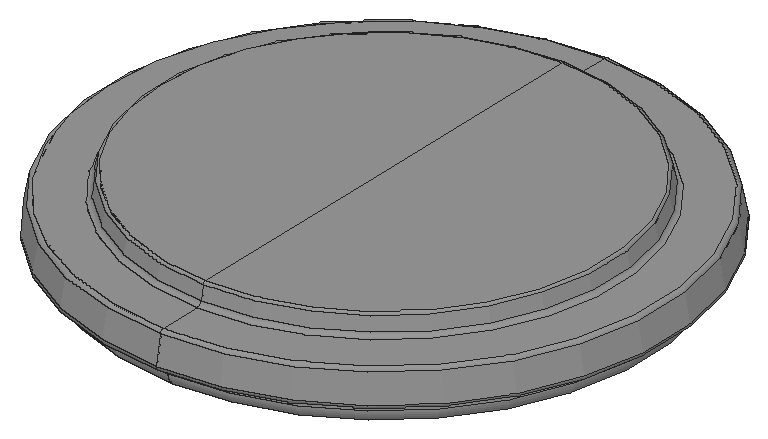
Revit family "FMK12_63_UN_Surface-mounted_ETK", category Lighting Fixtures, Revit 2017 (continued)
Definition of nested family "FMK.1 - Lightsource"
  Types (13, lengths in mm): name | Wattage Comments | Photometric Web File | built-in parameter 1150142 | Apparent Load
      405.3384\t405.5595\t405.017\t403.9123\t402.4111\t400.3595\t397.8451\t394.7084\t391.0909\t387.0552\r\n382.4227\t377.3501\t371.7125\t365.6289\t359.0797\t352.0101\t344.5153\t336.5336\t328.0834\t319.186\r\n310.0492\t300.3991\t290.6808\t280.0535\t269.1382\t257.6606\t245.9715\t234.0356\t221.994\t209.6474\r\n197.1639\t184.5242\t171.8904\t158.2648\t144.4077\t130.6839\t117.093\t103.3426\t89.5213\t76.4321\r\n62.9064\t50.3095\t38.9022\t28.6824\t0\t0\r\n405.3384\t405.5619\t405.0308\t404.1037\t402.4481\t400.3826\t397.8529\t394.7029\t391.0716\t386.9514\r\n382.295\t377.2986\t371.6562\t365.6032\t359.0556\t351.9937\t344.5103\t336.584\t328.1776\t319.3532\r\n310.0974\t300.3356\t290.3174\t279.8488\t269.1115\t258.1537\t246.5385\t234.5863\t222.1937\t209.6472\r\n196.9332\t184.0086\t170.9271\t157.807\t144.7993\t131.1715\t116.9912\t103.0076\t89.4388\t75.7848\r\n62.8691\t50.2334\t38.592\t27.1196\t0\t0\r\n405.3384\t405.5633\t405.0407\t404.1312\t402.6392\t400.4187\t397.881\t394.7292\t391.0895\t386.9644\r\n382.2746\t377.1648\t371.4996\t365.4693\t358.9878\t351.9131\t344.4464\t336.5353\t328.1318\t319.3478\r\n310.1011\t300.4485\t290.394\t279.9618\t269.1603\t257.9107\t246.3524\t234.5985\t222.4284\t210.1088\r\n197.3969\t184.1969\t170.8703\t157.4428\t143.9608\t130.43\t116.9468\t103.5478\t89.3098\t75.5778\r\n62.4619\t50.0702\t38.7502\t24.5387\t1.901\t0\r\n405.3384\t405.5636\t405.0466\t404.1492\t402.6681\t400.5955\t398.0664\t394.9307\t391.1454\t387.0248\r\n382.3139\t377.1828\t371.4901\t365.4554\t358.8567\t351.7264\t344.248\t336.3296\t327.9212\t319.2201\r\n309.9694\t300.3191\t290.2888\t279.8993\t269.135\t258.007\t246.5323\t234.736\t222.5462\t210.0919\r\n197.3723\t184.3271\t171.1345\t157.7225\t144.2137\t130.4595\t116.5463\t102.7293\t88.9906\t75.6756\r\n62.4842\t49.7099\t38.4108\t19.5388\t9.0852\t0\r\n405.3384\t405.5627\t405.0483\t404.1575\t402.6822\t400.6129\t398.0939\t394.9827\t391.3659\t387.2691\r\n382.55\t377.4142\t371.7081\t365.686\t358.9237\t351.7483\t344.2571\t336.3046\t327.8656\t319.0519\r\n309.7319\t300.073\t290.0393\t279.6352\t268.8689\t257.7186\t246.2608\t234.4573\t222.2884\t210.0107\r\n197.2602\t184.3582\t171.2221\t157.8358\t144.2992\t130.7043\t116.8944\t103.0094\t89.1137\t75.4482\r\n62.0725\t49.5077\t38.5681\t16.4085\t6.3848\t0\r\n405.3384\t405.5608\t405.0458\t404.1562\t402.6815\t400.6096\t398.0931\t394.9913\t391.3746\t387.2895\r\n382.5726\t377.4458\t371.7456\t365.7409\t359.116\t351.9176\t344.4382\t336.4672\t328.028\t319.2025\r\n309.8386\t300.1705\t290.1395\t279.7338\t268.942\t257.7639\t246.2815\t234.4244\t222.1929\t209.9028\r\n196.969\t184.0235\t170.8906\t157.4183\t143.9226\t130.2982\t116.5333\t102.7217\t88.9801\t75.3324\r\n62.0708\t49.4881\t37.8886\t16.6443\t6.3206\t4.5649\r\n405.3384\t405.5579\t405.0392\t404.1453\t402.6658\t400.5861\t398.064\t394.9565\t391.3223\t387.2272\r\n382.4989\t377.367\t371.656\t365.6345\t358.8616\t351.6754\t344.1767\t336.2087\t327.7721\t318.9511\r\n309.6246\t299.9461\t289.9153\t279.5013\t268.7141\t257.5244\t246.0492\t234.2476\t222.0584\t209.8057\r\n197.0631\t184.1389\t170.9819\t157.6062\t144.0805\t130.4305\t116.7655\t102.8872\t88.9857\t75.3165\r\n61.9974\t49.5022\t38.5004\t19.5133\t10.1573\t0\r\n405.3384\t405.5537\t405.0285\t404.1246\t402.6354\t400.5421\t398.006\t394.879\t391.057\t386.9398\r\n382.2102\t377.0886\t371.3854\t365.3521\t358.7336\t351.5762\t344.0881\t336.1427\t327.7345\t319.0228\r\n309.7484\t300.0828\t290.0448\t279.6173\t268.8275\t257.6208\t246.1171\t234.3028\t222.0743\t209.66\r\n196.8854\t183.8167\t170.5486\t157.0989\t143.5804\t129.9288\t116.1512\t102.4281\t88.8066\t75.5773\r\n62.493\t49.7093\t38.2595\t25.0307\t14.9589\t0\r\n405.3384\t405.5487\t405.0137\t404.0945\t402.5903\t400.3393\t397.7919\t394.6519\t390.9587\t386.8388\r\n382.1207\t377.0237\t371.3413\t365.3181\t358.8128\t351.6794\t344.2118\t336.2599\t327.8486\t319.0383\r\n309.7477\t300.0564\t289.9668\t279.4805\t268.6528\t257.2839\t245.7289\t233.9178\t221.7092\t209.3665\r\n196.5454\t183.3687\t170.0181\t156.5779\t143.1684\t129.7197\t116.3848\t103.1589\t88.9988\t75.3396\r\n62.3046\t50.0937\t38.8254\t28.0997\t2.873\t0\r\n405.3384\t405.5424\t404.9947\t404.055\t402.3835\t400.2776\t397.7298\t394.604\t390.8997\t386.7863\r\n382.0919\t377.1147\t371.4463\t365.407\t358.8101\t351.6735\t344.1847\t336.2129\t327.7678\t318.9134\r\n309.5687\t299.7567\t289.6031\t279.1338\t268.3599\t257.1899\t245.6509\t233.7994\t221.2737\t208.667\r\n195.8953\t182.9771\t169.8766\t156.7282\t143.8338\t130.2381\t116.1827\t102.4101\t88.9484\t75.4168\r\n62.7296\t50.3091\t39.1414\t29.704\t0\t0\r\n405.3384\t405.5351\t404.9716\t403.8532\t402.3311\t400.2301\t397.6855\t394.5908\t390.8787\t386.8617\r\n382.175\t377.112\t371.4367\t365.3594\t358.743\t351.6058\t344.0956\t336.0642\t327.5154\t318.5932\r\n309.2834\t299.6126\t289.6216\t279.1214\t268.1429\t256.518\t244.9018\t233.0679\t220.8676\t208.4546\r\n195.9224\t183.2678\t170.6349\t156.9081\t143.1149\t129.4264\t115.9638\t102.4748\t88.9243\t76.0325\r\n62.7599\t50.5163\t39.7576\t30.4051\t0\t0\r\n405.3384\t405.5268\t404.9446\t403.805\t402.2873\t400.1964\t397.6585\t394.6138\t390.9631\t386.846\r\n382.1518\t377.0764\t371.382\t365.2552\t358.5991\t351.4668\t343.8615\t335.8105\t327.4306\t318.7174\r\n309.3728\t299.5147\t288.9811\t278.3636\t267.4085\t256.1152\t244.6556\t232.9217\t220.9954\t208.7993\r\n196.6284\t183.2571\t169.7766\t156.2175\t142.8009\t129.5874\t115.8561\t102.4694\t89.5373\t75.801\r\n62.8374\t50.9146\t40.2047\t6.0894\t0\t0\r\n405.3384\t405.5175\t404.9137\t403.7611\t402.2519\t400.1761\t397.6486\t394.7553\t390.9488\t386.789\r\n382.1121\t377.0119\t371.2861\t365.1175\t358.3294\t351.2537\t343.813\t335.977\t327.5604\t318.4278\r\n308.6974\t298.7546\t288.5068\t277.9956\t267.1616\t256.1159\t244.8144\t233.2945\t221.7169\t208.8064\r\n195.7188\t182.5554\t169.3922\t156.2082\t142.9406\t129.1804\t115.9091\t102.9762\t89.1253\t75.8369\r\n63.1021\t51.3207\t40.5082\t0\t0\t0\r\n405.3384\t405.5071\t404.732\t403.7215\t402.2248\t400.1686\t397.7338\t394.8479\t390.8965\t386.7357\r\n382.0539\t376.9054\t371.1484\t364.8842\t358.2241\t351.4508\t343.9783\t335.7216\t326.8896\t317.6788\r\n308.2461\t298.3973\t288.3086\t277.939\t267.2925\t256.4485\t245.5245\t233.6216\t220.7985\t208.0817\r\n195.2276\t182.3754\t169.6036\t156.0708\t142.5048\t129.2499\t116.3261\t102.426\t89.0803\t75.9582\r\n63.4055\t51.6359\t45.2068\t0\t0\t0\r\n405.3384\t405.4958\t404.7008\t403.6862\t402.2055\t400.2642\t397.7241\t394.865\t390.8568\t386.6659\r\n381.976\t376.6726\t370.9429\t364.8366\t358.4087\t351.334\t343.5563\t334.9914\t326.3919\t317.3169\r\n308.0073\t298.2976\t288.3747\t278.1618\t267.7576\t257.0033\t244.8286\t232.6273\t220.2623\t207.8032\r\n195.2499\t182.6548\t169.1292\t155.7437\t142.619\t129.6789\t115.7028\t102.2394\t89.062\t76.0071\r\n63.5996\t51.8486\t11.6838\t0\t0\t0\r\n405.3384\t405.4834\t404.6711\t403.6553\t402.1936\t400.258\t397.6979\t394.8548\t390.809\t386.5801\r\n381.7953\t376.5628\t370.9021\t365.0558\t358.2517\t350.708\t342.8497\t334.6091\t326.0741\t317.1853\r\n307.9783\t298.4528\t288.6922\t278.8691\t267.9516\t256.0449\t244.1901\t232.1682\t220.074\t207.8676\r\n195.4583\t182.0264\t168.8523\t155.8456\t142.9997\t129.0282\t115.4645\t102.3448\t88.8812\t76.0111\r\n63.697\t51.9403\t0\t0\t0\t0\r\n405.3384\t405.4702\t404.6431\t403.6287\t402.2832\t400.2467\t397.6616\t394.8126\t390.7531\t386.4813\r\n381.7031\t376.5033\t371.0899\t364.866\t357.6417\t350.2384\t342.4952\t334.4178\t325.9215\t317.2094\r\n308.1434\t298.8419\t289.3001\t278.281\t266.9656\t255.5234\t243.8676\t232.0908\t220.4035\t207.9609\r\n194.7531\t181.8051\t168.927\t156.2326\t142.3126\t128.7065\t115.4865\t101.9757\t88.7309\t76.0048\r\n63.7421\t56.6766\t0\t0\t0\t0\r\n405.3384\t405.4561\t404.6167\t403.6076\t402.2769\t400.2274\t397.6166\t394.7349\t390.6867\t386.33\r\n381.656\t376.7279\t370.9169\t364.2502\t357.2389\t349.8681\t342.264\t334.3087\t325.9477\t317.3662\r\n308.4811\t299.3487\t288.5326\t277.6229\t266.5022\t255.2499\t243.8518\t232.5118\t220.0293\t207.2658\r\n194.5118\t181.8749\t169.3599\t155.551\t141.9034\t128.5853\t115.2093\t101.7082\t88.6305\t75.9892\r\n63.7506\t34.8823\t0\t0\t0\t0\r\n405.3384\t405.441\t404.5919\t403.5925\t402.2647\t400.2005\t397.5636\t394.6195\t390.511\t386.2918\r\n381.8682\t376.6329\t370.3868\t363.8318\t356.9304\t349.652\t342.1589\t334.2951\t326.1382\t317.7058\r\n308.9338\t298.5236\t287.9506\t277.1892\t266.2979\t255.2333\t244.3108\t232.0843\t219.5682\t206.9936\r\n194.5653\t182.2533\t168.7385\t155.1122\t141.7148\t128.5532\t114.8199\t101.4796\t88.5326\t75.9589\r\n63.7436\t0\t0\t0\t0\t0\r\n405.3384\t405.4251\t404.5685\t403.5817\t402.2465\t400.1668\t397.508\t394.4112\t390.4413\t386.2913\r\n381.8067\t376.4311\t370.0062\t363.505\t356.7156\t349.5603\t342.1638\t334.4401\t326.4674\t318.1326\r\n308.1103\t297.9214\t287.5762\t277.012\t266.3002\t255.6656\t243.832\t231.5923\t219.2864\t207.014\r\n194.9442\t181.7689\t168.1866\t154.8828\t141.8181\t128.0517\t114.4929\t101.2468\t88.4031\t75.8633\r\n69.485\t0\t0\t0\t0\t0\r\n405.3384\t405.2485\t404.5335\t403.6645\t402.2224\t400.1255\t397.475\t394.1709\t390.3989\t386.5385\r\n381.6223\t375.8443\t369.6864\t363.2614\t356.5777\t349.5494\t342.2587\t334.7322\t326.9154\t317.3685\r\n307.5367\t297.5489\t287.3558\t277.0195\t266.7127\t255.5088\t243.294\t231.2722\t219.2355\t207.2358\r\n194.7953\t181.1626\t167.9131\t154.7557\t141.4371\t127.7042\t114.2298\t101.0851\t88.2593\t75.7374\r\n52.566\t0\t0\t0\t0\t0\r\n405.3384\t405.2313\t404.5149\t403.6585\t402.1924\t400.0874\t397.4062\t394.0524\t390.3827\t386.4783\r\n381.347\t375.4965\t369.4174\t363.101\t356.5087\t349.625\t342.4702\t335.2626\t326.2434\t316.8153\r\n307.1624\t297.3178\t287.3215\t277.1874\t266.6991\t254.7569\t242.9726\t231.1253\t219.3601\t207.4539\r\n194.0571\t180.8106\t167.6988\t154.8237\t140.9526\t127.3463\t114.024\t100.9381\t88.1442\t75.6199\r\n8.3292\t0\t0\t0\t0\t0\r\n405.3384\t405.2143\t404.4979\t403.65\t402.1564\t400.0372\t397.3255\t393.9625\t390.6129\t386.3063\r\n380.8286\t375.1745\t369.2361\t363.0129\t356.5201\t349.7807\t343.0483\t335.0507\t325.7043\t316.3858\r\n306.914\t297.2339\t287.4377\t277.4576\t265.9553\t254.3844\t242.7811\t231.1938\t219.6917\t206.6946\r\n193.5598\t180.5774\t167.6861\t154.2617\t140.5223\t127.0588\t113.7914\t100.7972\t88.0366\t83.4326\r\n0\t0\t0\t0\t0\t0\r\n405.3384\t405.1978\t404.4825\t403.6384\t402.0911\t399.9817\t397.1408\t393.8852\t390.547\t386.0015\r\n380.5505\t374.9336\t369.1354\t362.9788\t356.6063\t350.0031\t343.0514\t334.2028\t325.2569\t316.0815\r\n306.771\t297.3248\t287.8218\t276.8308\t265.4808\t254.1562\t242.7619\t231.3645\t219.1669\t206.151\r\n193.2513\t180.4127\t167.6455\t153.7701\t140.1673\t126.7721\t113.5971\t100.6559\t87.9035\t73.2104\r\n0\t0\t0\t0\t0\t0\r\n405.3384\t405.1816\t404.4685\t403.6236\t402.0462\t399.9218\t397.0406\t393.8449\t390.4197\t385.4588\r\n380.303\t374.7523\t369.0481\t362.9941\t356.7556\t350.4899\t342.3766\t333.7323\t324.91\t315.93\r\n306.7423\t297.7012\t287.638\t276.3403\t265.2041\t254.0066\t242.8588\t231.5472\t218.5675\t205.791\r\n193.0312\t180.5339\t166.992\t153.2951\t139.8329\t126.5198\t113.4096\t100.488\t87.7644\t50.183\r\n0\t0\t0\t0\t0\t0\r\n405.3384\t405.1658\t404.4556\t403.605\t402.0047\t399.8587\t396.9678\t394.0484\t390.2485\t385.1764\r\n380.0833\t374.6292\t368.9744\t363.0772\t356.9562\t350.3807\t341.8775\t333.354\t324.6587\t315.8276\r\n306.8408\t297.6991\t286.865\t275.9921\t265.0466\t254.0282\t243.181\t230.8144\t218.1129\t205.4704\r\n192.95\t180.3241\t166.4787\t152.9016\t139.4897\t126.2465\t113.2069\t100.3244\t87.5932\t7.0091\r\n0\t0\t0\t0\t0\t0\r\n405.3384\t405.1736\t404.4436\t403.5723\t401.9608\t399.8075\t396.909\t394.0477\t390.0041\t384.9479\r\n379.8834\t374.551\t368.9703\t363.21\t357.4063\t349.6805\t341.4574\t333.0643\t324.521\t315.8139\r\n307.234\t297.0694\t286.4243\t275.712\t264.9568\t254.1683\t243.0001\t230.2308\t217.7563\t205.2779\r\n193.0318\t179.6139\t166.0256\t152.5274\t139.1851\t126.0071\t112.9942\t100.1243\t93.9816\t0\r\n0\t0\t0\t0\t0\t0\r\n405.3384\t405.1582\t404.4323\t403.5458\t401.9186\t399.7372\t396.864\t393.9692\t389.4676\t384.7303\r\n379.7002\t374.4837\t369.0179\t363.3474\t357.309\t349.2254\t341.1152\t332.8524\t324.4403\t315.899\r\n307.1158\t296.6023\t286.0655\t275.5201\t264.9227\t254.484\t242.2719\t229.8418\t217.4461\t205.1551\r\n192.8003\t179.0668\t165.548\t152.1467\t138.9029\t125.7703\t112.7705\t99.923\t81.4643\t0\r\n0\t0\t0\t0\t0\t0\r\n405.3384\t405.1427\t404.4215\t403.5172\t401.8789\t399.5738\t396.8307\t393.84\t389.2108\t384.5347\r\n379.5711\t374.4387\t369.0911\t363.8155\t356.9853\t348.8325\t340.836\t332.7132\t324.4347\t316.2659\r\n306.469\t296.1791\t285.8331\t275.4029\t264.9879\t254.1807\t241.7605\t229.4924\t217.282\t205.2627\r\n192.1131\t178.5645\t165.1154\t151.7836\t138.585\t125.5095\t112.5563\t99.7128\t60.9146\t0\r\n0\t0\t0\t0\t0\t0\r\n405.3384\t405.1268\t404.411\t403.4869\t401.8689\t399.5039\t396.8145\t393.6447\t388.9954\t384.3538\r\n379.4857\t374.4179\t369.1782\t363.8193\t356.2567\t348.5043\t340.6114\t332.606\t324.4985\t316.1813\r\n306.0112\t295.8319\t285.6355\t275.3934\t265.2495\t253.4097\t241.2878\t229.2124\t217.1097\t205.0994\r\n191.5675\t178.0818\t164.7012\t151.456\t138.2911\t125.2321\t112.3059\t99.4762\t16.2983\t0\r\n0\t0\t0\t0\t0\t0\r\n405.3384\t405.1108\t404.4903\t403.4555\t401.8237\t399.4103\t397.0305\t393.4442\t388.8336\t384.1754\r\n379.4075\t374.43\t369.2737\t363.6191\t355.8892\t348.234\t340.4491\t332.5491\t324.8276\t315.8567\r\n305.6102\t295.5819\t285.4934\t275.413\t265.0581\t252.9031\t240.9149\t228.9525\t217.0191\t204.6975\r\n191.0128\t177.6397\t164.3329\t151.1167\t137.9969\t124.9687\t112.062\t107.5917\t0.7007\t0\r\n0\t0\t0\t0\t0\t0\r\n405.3384\t405.0944\t404.4708\t403.4232\t401.771\t399.3535\t397.0169\t393.0022\t388.6496\t384.0408\r\n379.3374\t374.4627\t369.6852\t362.9627\t355.5698\t348.0061\t340.3388\t332.5584\t324.7942\t315.1398\r\n305.2951\t295.3698\t285.4247\t275.6825\t264.3367\t252.5037\t240.6145\t228.7679\t217.1002\t203.9238\r\n190.5367\t177.2097\t163.9532\t150.792\t137.717\t124.7302\t111.8063\t98.8725\t0\t0\r\n0\t0\t0\t0\t0\t0\r\n405.3384\t405.0776\t404.4545\t403.3908\t401.7101\t399.3099\t396.9567\t392.7976\t388.4495\t383.9609\r\n379.2847\t374.4998\t369.6843\t362.5741\t355.27\t347.8284\t340.249\t332.6102\t324.5858\t314.7295\r\n304.9935\t295.2193\t285.3785\t275.5735\t263.8563\t252.1042\t240.3755\t228.643\t216.8475\t203.3823\r\n190.0477\t176.7881\t163.6007\t150.4803\t137.4402\t124.4543\t111.5517\t85.0694\t0\t0\r\n0\t0\t0\t0\t0\t0\r\n405.3384\t405.0604\t404.4375\t403.3708\t401.6143\t399.2784\t396.8678\t392.6205\t388.286\t383.8712\r\n379.2482\t374.5384\t369.5416\t362.2694\t354.9882\t347.6747\t340.2311\t332.9204\t323.9709\t314.3815\r\n304.7666\t295.0886\t285.3921\t275.2484\t263.399\t251.7743\t240.1515\t228.5226\t216.4169\t202.8894\r\n189.6152\t176.4056\t163.2526\t150.1706\t137.1488\t124.1833\t111.2847\t67.3012\t0\t0\r\n0\t0\t0\t0\t0\t0\r\n405.3384\t405.0427\t404.4198\t403.3318\t401.5423\t399.2809\t396.7363\t392.489\t388.1443\t383.7593\r\n379.2585\t374.6007\t369.2833\t361.9708\t354.796\t347.5124\t340.2151\t332.8981\t323.5654\t314.0775\r\n304.5571\t295.0196\t285.6448\t274.5513\t263.0117\t251.4537\t239.942\t228.6113\t215.6596\t202.3901\r\n189.1856\t176.0419\t162.932\t149.883\t136.8857\t123.9284\t122.8764\t24.0819\t0\t0\r\n0\t0\t0\t0\t0\t0\r\n405.3384\t405.0244\t404.402\t403.293\t401.4733\t399.2445\t396.6121\t392.3366\t388.0271\t383.6686\r\n379.2507\t374.9702\t368.6448\t361.6732\t354.6081\t347.4237\t340.1562\t332.7313\t323.2268\t313.8119\r\n304.3844\t294.9379\t285.5233\t274.1363\t262.6612\t251.2131\t239.7592\t228.325\t215.0958\t201.9145\r\n188.7725\t175.6617\t162.5822\t149.5668\t136.5956\t123.6688\t120.5677\t9.957\t0\t0\r\n0\t0\t0\t0\t0\t0\r\n405.3384\t405.0054\t404.384\t403.2512\t401.3208\t399.1951\t396.4819\t392.1762\t387.9514\t383.5908\r\n379.2078\t374.9606\t368.3521\t361.3828\t354.4067\t347.3472\t340.1951\t332.3855\t322.9143\t313.5971\r\n304.2281\t294.8631\t285.2223\t273.7182\t262.3605\t251.0007\t239.6319\t227.9627\t214.5968\t201.4525\r\n188.3381\t175.2686\t162.2411\t149.2486\t136.2977\t123.3792\t114.9625\t0\t0\t0\r\n0\t0\t0\t0\t0\t0\r\n405.3384\t404.9858\t404.3663\t403.2062\t401.2807\t399.3352\t396.3671\t391.9995\t387.8556\t383.5414\r\n379.1954\t374.8369\t368.0781\t361.1669\t354.2081\t347.2392\t340.4601\t331.7946\t322.572\t313.375\r\n304.1344\t294.8515\t284.8364\t273.3137\t262.0496\t250.7828\t239.7394\t227.2719\t214.143\t201.0284\r\n187.957\t174.9188\t161.9031\t148.9358\t135.9942\t123.0935\t106.9167\t0\t0\t0\r\n0\t0\t0\t0\t0\t0\r\n405.3384\t404.9657\t404.3491\t403.137\t401.2259\t399.2718\t396.1988\t391.8626\t387.7249\t383.5318\r\n379.2046\t374.674\t367.8035\t360.9786\t354.0767\t347.1349\t340.3019\t331.4341\t322.3187\t313.1475\r\n303.9869\t295.0203\t284.1943\t272.9865\t261.7665\t250.5691\t239.5527\t226.7795\t213.6915\t200.6354\r\n187.5885\t174.5759\t161.5912\t148.6211\t135.6938\t122.7886\t97.1013\t0\t0\t0\r\n0\t0\t0\t0\t0\t0\r\n405.3384\t404.9447\t404.3643\t403.0908\t401.1696\t399.2115\t395.7381\t391.7602\t387.6137\t383.4745\r\n379.2433\t374.4878\t367.536\t360.7869\t353.9653\t347.0886\t340.1271\t331.0609\t322.0462\t312.9846\r\n303.8666\t294.8288\t283.7883\t272.6681\t261.5277\t250.3816\t239.2929\t226.2978\t213.2501\t200.2267\r\n187.218\t174.2303\t161.2676\t148.3254\t135.4154\t122.514\t86.1249\t0\t0\t0\r\n0\t0\t0\t0\t0\t0\r\n405.3384\t404.9229\t404.3466\t403.048\t401.1114\t399.1739\t395.5625\t391.6161\t387.5292\t383.3775\r\n379.2387\t374.3121\t367.2962\t360.5925\t353.8461\t347.0574\t339.9336\t330.7756\t321.7646\t312.7595\r\n303.7724\t294.6075\t283.4083\t272.337\t261.2567\t250.1906\t238.9891\t225.8589\t212.8415\t199.8294\r\n186.8583\t173.8966\t160.9568\t148.0252\t135.1175\t122.2164\t74.5102\t0\t0\t0\r\n0\t0\t0\t0\t0\t0\r\n405.3384\t404.9005\t404.3255\t403.009\t401.0339\t399.1156\t395.4146\t391.4309\t387.4243\t383.3208\r\n379.4976\t373.7544\t367.1078\t360.4023\t353.7011\t347.0017\t339.7099\t330.5052\t321.5623\t312.5965\r\n303.6305\t294.2656\t283.057\t272.0629\t261.0319\t250.0033\t238.6069\t225.4043\t212.4214\t199.4582\r\n186.5098\t173.5796\t160.6474\t147.7264\t134.8117\t134.8645\t35.7949\t0\t0\t0\r\n0\t0\t0\t0\t0\t0\r\n405.3384\t404.8772\t404.301\t402.9743\t400.978\t399.0523\t395.3086\t391.2952\t387.2858\t383.248\r\n379.4366\t373.4825\t366.884\t360.2677\t353.5976\t347.1681\t339.3917\t330.259\t321.3543\t312.4464\r\n303.5241\t293.9556\t2
